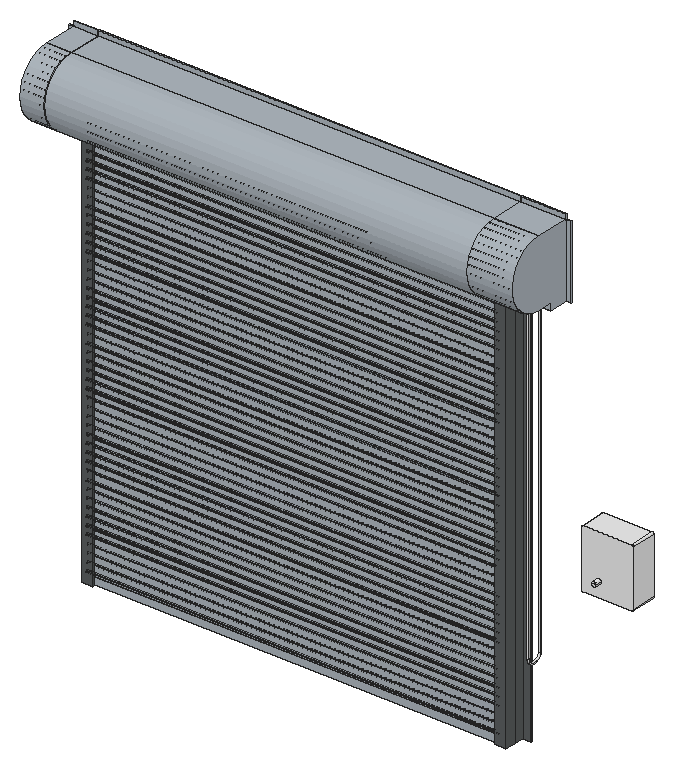
Revit family "Doors_Industrial_Wayne-Dalton_Advanced-Rolling-Door-System-Model-800C-ADV", category Specialty Equipment, host Wall, Revit 2023 (continued)
Definition of nested family "Warning Sign"
  Lines and regions (in)
    model lines
      curve 13: arc (-2.29479, 1, 8.63537) -> (0, 1, 6.34057) -> (2.29479, 1, 8.63537) r 2.29479
      curve 14: arc (2.29479, 1, 8.63537) -> (0, 1, 10.93016) -> (-2.29479, 1, 8.63537) r 2.29479
      curve 15: arc (-1.6331, 1, 13.97069) -> (0.03439, 1, 12.53727) -> (1.69278, 1, 13.98121) r 1.68043
      curve 16: line (-3.77413, 1, 28.37873) -> (-1.6331, 1, 13.97069)
      curve 17: line (1.69278, 1, 13.98121) -> (3.73924, 1, 28.37873)
      curve 18: arc (3.73924, 1, 28.37873) -> (-0.01745, 1, 32.13541) -> (-3.77413, 1, 28.37873) r 3.75668
      curve 19: line (-2.26129, -0.5, 45.69444) -> (-26.3817, -0.5, 3.91667)
      curve 20: line (-25.25106, -0.5, 3.26389) -> (-1.13064, -0.5, 45.04167)
      curve 21: arc (2.26129, -0.5, 45.69444) -> (0, -0.5, 47) -> (-2.26129, -0.5, 45.69444) r 2.61111
      curve 22: arc (-1.13064, -0.5, 45.04167) -> (0, -0.5, 45.69444) -> (1.13064, -0.5, 45.04167) r 1.30556
      curve 23: line (1.13064, -0.5, 45.04167) -> (25.25106, -0.5, 3.26389)
      curve 24: line (26.3817, -0.5, 3.91667) -> (2.26129, -0.5, 45.69444)
      curve 25: arc (25.25106, -0.5, 3.26389) -> (25.25106, -0.5, 1.95833) -> (24.12041, -0.5, 1.30556) r 1.30556
      curve 26: arc (24.12041, -0.5, 0) -> (26.3817, -0.5, 1.30556) -> (26.3817, -0.5, 3.91667) r 2.61111
      curve 27: line (24.12041, -0.5, 1.30556) -> (-24.12041, -0.5, 1.30556)
      curve 28: line (-24.12041, -0.5, 0) -> (24.12041, -0.5, 0)
      curve 29: arc (-24.12041, -0.5, 1.30556) -> (-25.25106, -0.5, 1.95833) -> (-25.25106, -0.5, 3.26389) r 1.30556
      curve 30: arc (-26.3817, -0.5, 3.91667) -> (-26.3817, -0.5, 1.30556) -> (-24.12041, -0.5, 0) r 2.61111
      curve 31: arc (-2.29479, -0.5, 8.63537) -> (0, -0.5, 6.34057) -> (2.29479, -0.5, 8.63537) r 2.29479
      curve 32: arc (2.29479, -0.5, 8.63537) -> (0, -0.5, 10.93016) -> (-2.29479, -0.5, 8.63537) r 2.29479
      curve 33: arc (-1.6331, -0.5, 13.97069) -> (0.03439, -0.5, 12.53727) -> (1.69278, -0.5, 13.98121) r 1.68043
      curve 34: line (-3.77413, -0.5, 28.37873) -> (-1.6331, -0.5, 13.97069)
      curve 35: line (1.69278, -0.5, 13.98121) -> (3.73924, -0.5, 28.37873)
      curve 36: arc (3.73924, -0.5, 28.37873) -> (-0.01745, -0.5, 32.13541) -> (-3.77413, -0.5, 28.37873) r 3.75668
  Dimensions and locks (in)
    locked: plane 1 "Center (Front/Back)" to plane 4 at 0.5
    equal spacing: plane 1 "Center (Front/Back)", plane 7, plane 4
    locked: plane 4 to plane 6 at 0.5
    locked: plane 5 to plane 1 "Center (Front/Back)" at 0.5
    aligned and locked: plane 2 to level
  Automatic sketch dimensions
    curve 21 to curve 22 = 0"  (x2)
    curve 25 to curve 26 = 0"  (x2)
    curve 29 to curve 30 = 0"  (x2)
    curve 31 to curve 32 = 0"  (x2)
    curve 21 to plane 3 "Center (Left/Right)" = 0"
    curve 31 to plane 3 "Center (Left/Right)" = 0"
    curve 30 to level = 0"
    level to curve 27 = 1.30556"
    curve 26 to curve 27 = 1.30556"
    curve 29 to curve 27 = 1.30556"
    curve 23 to curve 25 = 0.65278"
    curve 20 to curve 29 = 0.65278"
    curve 24 to curve 23 = 0.65278"
    curve 19 to curve 20 = 0.65278"
    level to curve 32 = 8.63537"
    curve 34 to plane 3 "Center (Left/Right)" = 1.6331"
    curve 34 to curve 31 = 5.33532"
    plane 3 "Center (Left/Right)" to curve 35 = 1.69278"
    curve 35 to curve 34 = 0.01052"
    plane 3 "Center (Left/Right)" to curve 33 = 0.02908"
    curve 36 to plane 3 "Center (Left/Right)" = 0.01745"
    curve 36 to curve 33 = 14.16104"
    curve 22 to curve 36 = 16.01016"
    plane 3 "Center (Left/Right)" to curve 23 = 1.13064"
    curve 23 to curve 21 = 0.65278"
    curve 20 to plane 3 "Center (Left/Right)" = 1.13064"
    plane 3 "Center (Left/Right)" to curve 24 = 2.26129"
    curve 24 to curve 22 = 0.65278"
    curve 19 to plane 3 "Center (Left/Right)" = 2.26129"
    curve 34 to curve 36 = 3.75668"
    curve 30 to plane 3 "Center (Left/Right)" = 24.12041"
    plane 3 "Center (Left/Right)" to curve 25 = 24.12041"
    curve 31 to curve 31 = 2.29479"
    curve 3 to curve 4 = 0"  (x2)
    curve 7 to curve 8 = 0"  (x2)
    curve 11 to curve 12 = 0"  (x2)
    curve 13 to curve 14 = 0"  (x2)
    curve 3 to plane 3 "Center (Left/Right)" = 0"
    curve 13 to plane 3 "Center (Left/Right)" = 0"
    curve 12 to level = 0"
    level to curve 9 = 1.30556"
    curve 8 to curve 9 = 1.30556"
    curve 11 to curve 9 = 1.30556"
    curve 5 to curve 7 = 0.65278"
    curve 2 to curve 11 = 0.65278"
    curve 6 to curve 5 = 0.65278"
    curve 1 to curve 2 = 0.65278"
    level to curve 14 = 8.63537"
    curve 16 to plane 3 "Center (Left/Right)" = 1.6331"
    curve 16 to curve 13 = 5.33532"
    plane 3 "Center (Left/Right)" to curve 17 = 1.69278"
    curve 17 to curve 16 = 0.01052"
    plane 3 "Center (Left/Right)" to curve 15 = 0.02908"
    curve 18 to plane 3 "Center (Left/Right)" = 0.01745"
    curve 18 to curve 15 = 14.16104"
    curve 4 to curve 18 = 16.01016"
    plane 3 "Center (Left/Right)" to curve 5 = 1.13064"
    curve 5 to curve 3 = 0.65278"
    curve 2 to plane 3 "Center (Left/Right)" = 1.13064"
    plane 3 "Center (Left/Right)" to curve 6 = 2.26129"
    curve 6 to curve 4 = 0.65278"
    curve 1 to plane 3 "Center (Left/Right)" = 2.26129"
    curve 16 to curve 18 = 3.75668"
    curve 12 to plane 3 "Center (Left/Right)" = 24.12041"
    plane 3 "Center (Left/Right)" to curve 7 = 24.12041"
    curve 13 to curve 13 = 2.29479"
Types (6): name | Voltage | Number of Poles | Apparent Load Phase 3 | Apparent Load Phase 2 | Apparent Load Phase 1
  208 volts, one phase, 60 Hz (208-240V range) | 208 V | 1 | 0 VA | 0 VA | 4160 VA
  208 volts, three phase, 60 Hz (208-240V range) | 208 V | 3 | 2401.78 VA | 2401.78 VA | 2401.78 VA
  220 volts, one phase, 60 Hz (220-240V range) | 220 V | 1 | 0 VA | 0 VA | 4400 VA
  230 volts, three phase, 60 Hz (220-240V range) | 230 V | 3 | 2655.81 VA | 2655.81 VA | 2655.81 VA
  460 volts, three phase, 60 Hz (440-480 V range) | 460 V | 3 | 5311.62 VA | 5311.62 VA | 5311.62 VA
  575 volts, three phase, 60 Hz | 575 V | 3 | 6639.53 VA | 6639.53 VA | 6639.53 VA
